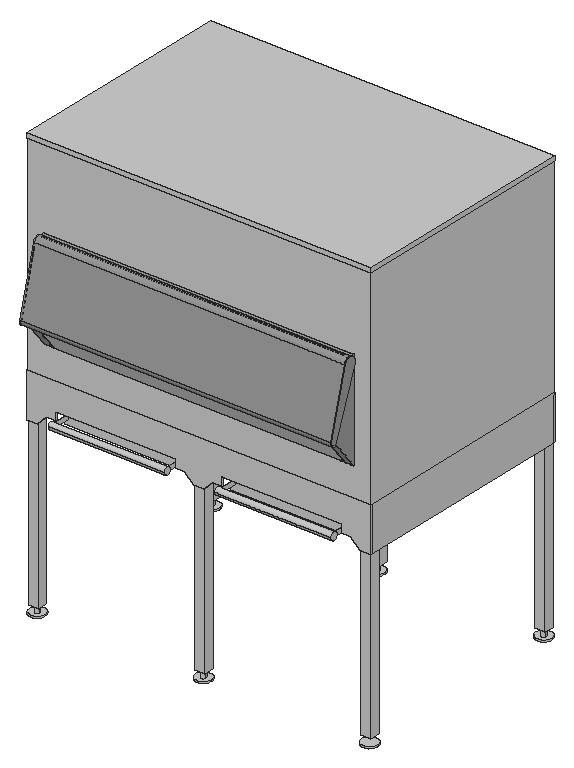
Revit family "QF_HOSHIZAKI_ITS1350SG-60", category Specialty Equipment, Revit 2016
Family settings
  Part Type = Normal
  Round Connector Dimension = Use Diameter
  OmniClass Number = 23.40.40.14
  OmniClass Title = Food Service Equipment
  Work Plane-Based = No
  Always vertical = Yes
  Cut with Voids When Loaded = No
  Shared = No
  Room Calculation Point = No
Parameters (values of type "ITS1350SG-60")
  Weight = 390.00 kg
  URL Cutsheet = ""
  URL = "www.hoshizaki-europe.com"
  Status [instance] = ""
  Specification by User [instance] = ""
  Specification by Manufacturer [instance] = ""
  Serial Number = ""
  Seismic Rating = ""
  SMACNA No = ""
  Revision Code [instance] = ""
  NAFEM Spec ID Number = ""
  Model = "ITS1350SG-60"
  Masterspec = ""
  Manufacturer = "HOSHIZAKI"
  Length Actual = 1524 mm
  Item Number [instance] = ""
  Installed By [instance] = ""
  Identify Quantity as Lot [instance] = no
  Height Actual = 1905 mm
  Furnished By [instance] = ""
  Foodservice Equipment Identifier [instance] = yes
  Description = "ICE TRANSPORT SYSTEM, 602KG BIN CAPACITY, TWIN CART"
  Depth Actual = 1016 mm
  Cost = 0
  CSI MasterFormat = ""
  Assembly Code = "E1090320"
  Accessory = no
Reference planes
  plane 1 "Center (Front/Back)": y = 0
  plane 2: z = 0
  plane 3 "Center (Left/Right)": x = 0
Dimensions and locks
  aligned and locked: level to plane 2
Nested families
  nested 1: "QF_HOSHIZAKI_ITS1350SG-60" at (0, 0, 0), type "ITS1350SG-60"
    with Show Clearance yes
Definition of nested family "QF_HOSHIZAKI_ITS1350SG-60"
  Parameters (values of type "ITS1350SG-60")
    URL = "www.hoshizaki-europe.com"
    Show Clearance [instance] = yes
    Model = "ITS1350SG-60"
    Manufacturer = "HOSHIZAKI"
    Description = "ICE TRANSPORT SYSTEM, 602KG BIN CAPACITY, TWIN CART"
    Assembly Code = "E1090320"
  Reference planes
    plane 1 "Back": y = 0
    plane 2: z = 0
    plane 3 "Left": x = 0
    plane 4 "Right": x = 1524
    plane 5 "Front": y = -1016
    plane 6 "Top": z = 1905
  Forms (mm)
    Extrusion 1, solid
      sketch origin (44.953, -123.309, 1885) x (1, 0, 0) y (0, 1, 0)
        loop
          line (-44.453, -892.691) -> (1479.047, -892.691) -> (1479.047, 123.309) -> (-44.453, 123.309) -> (-44.453, -892.691)
      from 0 to 20
    Extrusion 2, solid
      sketch origin (0, 0, 0) x (1, 0, 0) y (0, 1, 0)
        loop
          line (2.5, -2) -> (2.5, -1014) -> (77.5, -1014) -> (77.5, -1004) -> (12.5, -1004) -> (12.5, -12) -> (1512, -12) -> (1512, -1004) -> (1447, -1004) -> (1447, -1014) -> (1522, -1014) -> (1522, -2) -> (2.5, -2)
      from 1885 to 965
    Extrusion 3, solid
      sketch origin (0, 0, 1672) x (1, 0, 0) y (0, 1, 0)
        loop
          line (77.5, -1004) -> (77.5, -1014) -> (1447, -1014) -> (1447, -1004) -> (77.5, -1004)
      from -137 to 213
    Extrusion 4, solid
      sketch origin (0, 0, 965) x (1, 0, 0) y (0, 1, 0)
        loop
          line (77.5, -1004) -> (77.5, -1014) -> (1447, -1014) -> (1447, -1004) -> (77.5, -1004)
      from 0 to 128.51
    Extrusion 5, solid
      sketch origin (0, 0, 965) x (1, 0, 0) y (0, 1, 0)
        loop
          line (12.5, -12) -> (12.5, -1004) -> (1512, -1004) -> (1512, -12) -> (12.5, -12)
      from 0 to 10
    Extrusion 6, solid
      sketch origin (0, 0, 35) x (1, 0, 0) y (0, 1, 0)
        loop
          line (5, -1011) -> (48.5, -1011) -> (48.5, -968) -> (5, -968) -> (5, -1011)
        loop
          line (1475.5, -1011) -> (1519, -1011) -> (1519, -968) -> (1475.5, -968) -> (1475.5, -1011)
        loop
          line (5, -48) -> (48.5, -48) -> (48.5, -5) -> (5, -5) -> (5, -48)
        loop
          line (1475.5, -48) -> (1519, -48) -> (1519, -5) -> (1475.5, -5) -> (1475.5, -48)
        loop
          line (740.25, -1011) -> (783.75, -1011) -> (783.75, -968) -> (740.25, -968) -> (740.25, -1011)
        loop
          line (740.25, -48) -> (783.75, -48) -> (783.75, -5) -> (740.25, -5) -> (740.25, -48)
      from 0 to 930
    Extrusion 7, solid
      sketch origin (0, -1011, 190) x (1, 0, 0) y (0, 0, 1)
        loop
          line (88.5, 619) -> (128.5, 619) -> (128.5, 654) -> (658.5, 654) -> (658.5, 619) -> (698.5, 619) -> (738.5, 579) -> (785.5, 579) -> (825.5, 619) -> (865.5, 619) -> (865.5, 654) -> (1395.5, 654) -> (1395.5, 619) -> (1435.5, 619) -> (1475.5, 579) -> (1524, 579) -> (1524, 775) -> (0, 775) -> (0, 579) -> (48.5, 579) -> (88.5, 619)
      from 0 to 5
    Extrusion 8, solid
      sketch origin (0, 0, 190) x (0, 1, 0) y (0, 0, 1)
        loop
          line (-5, 579) -> (-5, 775) -> (-1011, 775) -> (-1011, 579) -> (-5, 579)
      from 0 to 5
    Extrusion 9, solid
      sketch origin (1519, 0, 190) x (0, 1, 0) y (0, 0, 1)
        loop
          line (-5, 579) -> (-5, 775) -> (-1011, 775) -> (-1011, 579) -> (-5, 579)
      from 0 to 5
    Extrusion 10, solid
      sketch origin (0, 0, 0) x (1, 0, 0) y (0, 1, 0)
        loop
          circle (762, -989.5) r 35
        loop
          circle (26.75, -989.5) r 35
        loop
          circle (757.25, -26.5) r 35
        loop
          circle (26.75, -26.5) r 35
        loop
          circle (1497.25, -989.5) r 35
        loop
          circle (1497.25, -26.5) r 35
      from 0 to 5
    Extrusion 11, solid
      sketch origin (0, 0, 0) x (1, 0, 0) y (0, 1, 0)
        loop
          circle (26.75, -989.5) r 10
        loop
          circle (762, -989.5) r 10
        loop
          circle (26.75, -26.5) r 10
        loop
          circle (759, -26.5) r 10
        loop
          circle (1497.25, -26.5) r 10
      from 5 to 35
    Extrusion 12, solid
      sketch origin (0, 0, 190) x (1, 0, 0) y (0, 0, 1)
        loop
          line (130.5, 652) -> (130.5, 585.5) -> (656.5, 585.5) -> (656.5, 652) -> (130.5, 652)
      from 968 to 5
    Extrusion 13, solid
      sketch origin (143, 0, 190) x (0, 1, 0) y (0, 0, 1)
        loop
          line (-968, 628.75) -> (-1039.48, 628.75)
          arc (-1039.48, 628.75) -> (-1035.669, 618.75) -> (-1039.48, 608.75) r 15.027
          line (-1039.48, 608.75) -> (-968, 608.75) -> (-968, 628.75)
      from 0 to 2
    Extrusion 14, solid
      sketch origin (644, 0, 190) x (0, 1, 0) y (0, 0, -1)
        loop
          line (-968, -628.75) -> (-968, -608.75) -> (-1039.48, -608.75)
          arc (-1039.48, -608.75) -> (-1035.669, -618.75) -> (-1039.48, -628.75) r 15.027
          line (-1039.48, -628.75) -> (-968, -628.75)
      from 0 to 2
    Extrusion 15, solid
      sketch origin (0, 6.277, 190.666) x (0, 1, 0) y (0, 0, 1)
        loop
          circle (-1056.946, 618.084) r 15
      from 136.522 to 650.901
    Extrusion 16, solid, visible <- "Show Clearance", detail levels coarse
      sketch origin (0, 0, 0) x (0, 1, 0) y (0, 0, 1)
        loop
          line (-1016, 0) -> (-1016, 965) -> (-1847, 965) -> (-1847, 0) -> (-1016, 0)
      from 0 to 1524
    Extrusion 17, solid
      sketch origin (77.5, 0, 0) x (0, 1, 0) y (0, 0, 1)
        loop
          line (-1014, 1093.51) -> (-1014, 1535) -> (-1132.357, 1245) -> (-1014, 1093.51)
      from 0 to 40
    Extrusion 18, solid
      sketch origin (72, 227.247, 356.13) x (0, 0.987211, 0.159421) y (0, -0.159421, 0.987211)
        loop
          arc (-1210.882, 1091.777) -> (-1210.474, 1078.588) -> (-1201.352, 1069.054) r 18.424
          line (-1201.352, 1069.054) -> (-1043.475, 1332.118)
          arc (-1043.475, 1332.118) -> (-1043.138, 1348.035) -> (-1051.352, 1361.674) r 28.644
          arc (-1051.352, 1361.674) -> (-1074.075, 1368.057) -> (-1092.536, 1353.35) r 25.892
          line (-1092.536, 1353.35) -> (-1210.882, 1091.777)
      from 0 to 5
    Extrusion 19, solid
      sketch origin (0, 0, 0) x (0, 1, 0) y (0, 0, 1)
        loop
          line (-1014, 1093.51) -> (-1004, 1093.51) -> (-1004, 1136.665) -> (-1014, 1136.665) -> (-1119.998, 1272.336) -> (-1132.357, 1245) -> (-1014, 1093.51)
      from 117.5 to 1407
    Extrusion 20, solid
      sketch origin (71.5, 227.247, 356.13) x (0, 0.987211, 0.159421) y (0, -0.159421, 0.987211)
        loop
          line (-1206.656, 1091.662) -> (-1089.452, 1350.126)
          arc (-1089.452, 1350.126) -> (-1063.619, 1362.073) -> (-1048.015, 1338.271) r 21.785
          line (-1048.015, 1338.271) -> (-1037.435, 1361.674) -> (-1051.352, 1361.674)
          arc (-1051.352, 1361.674) -> (-1074.075, 1368.057) -> (-1092.536, 1353.35) r 25.892
          line (-1092.536, 1353.35) -> (-1210.882, 1091.777)
          arc (-1210.882, 1091.777) -> (-1210.474, 1078.588) -> (-1201.352, 1069.054) r 18.424
          line (-1201.352, 1069.054) -> (-1198.952, 1073.412)
          arc (-1198.952, 1073.412) -> (-1205.971, 1081.2) -> (-1206.656, 1091.662) r 15.987
      from 1375.5 to 5.5
    Extrusion 21, solid, visible <- "Show Clearance", detail levels coarse
      sketch origin (0, 0, 0) x (0, 1, 0) y (0, 0, 1)
        loop
          line (-1014, 1535) -> (-1014, 1794.099)
          arc (-1014, 1794.099) -> (-1294.855, 1567.331) -> (-1132.357, 1245) r 287.305
          line (-1132.357, 1245) -> (-1014, 1535)
      from 72 to 1452.647
    Extrusion 22, solid
      sketch origin (1447.647, 227.247, 356.13) x (0, 0.987211, 0.159421) y (0, -0.159421, 0.987211)
        loop
          arc (-1210.882, 1091.777) -> (-1210.474, 1078.588) -> (-1201.352, 1069.054) r 18.424
          line (-1201.352, 1069.054) -> (-1043.475, 1332.118)
          arc (-1043.475, 1332.118) -> (-1043.138, 1348.035) -> (-1051.352, 1361.674) r 28.644
          arc (-1051.352, 1361.674) -> (-1074.075, 1368.057) -> (-1092.536, 1353.35) r 25.892
          line (-1092.536, 1353.35) -> (-1210.882, 1091.777)
      from 0 to 5
    Extrusion 23, solid
      sketch origin (0, 0, 190) x (1, 0, 0) y (0, 0, 1)
        loop
          line (88.5, 619) -> (128.5, 619) -> (128.5, 654) -> (658.5, 654) -> (658.5, 619) -> (698.5, 619) -> (738.5, 579) -> (785.5, 579) -> (825.5, 619) -> (865.5, 619) -> (865.5, 654) -> (1395.5, 654) -> (1395.5, 619) -> (1435.5, 619) -> (1475.5, 579) -> (1524, 579) -> (1524, 775) -> (0, 775) -> (0, 579) -> (48.5, 579) -> (88.5, 619)
      from 0 to 5
    Extrusion 24, solid
      sketch origin (737, 0, 190) x (1, 0, 0) y (0, 0, 1)
        loop
          line (130.5, 652) -> (130.5, 585.5) -> (656.5, 585.5) -> (656.5, 652) -> (130.5, 652)
      from 968 to 5
    Extrusion 25, solid
      sketch origin (880, 0, 190) x (0, 1, 0) y (0, 0, 1)
        loop
          line (-968, 628.75) -> (-1039.48, 628.75)
          arc (-1039.48, 628.75) -> (-1035.669, 618.75) -> (-1039.48, 608.75) r 15.027
          line (-1039.48, 608.75) -> (-968, 608.75) -> (-968, 628.75)
      from 0 to 2
    Extrusion 26, solid
      sketch origin (1381, 0, 190) x (0, 1, 0) y (0, 0, -1)
        loop
          line (-968, -628.75) -> (-968, -608.75) -> (-1039.48, -608.75)
          arc (-1039.48, -608.75) -> (-1035.669, -618.75) -> (-1039.48, -628.75) r 15.027
          line (-1039.48, -628.75) -> (-968, -628.75)
      from 0 to 2
    Extrusion 27, solid
      sketch origin (737, 6.277, 190.666) x (0, 1, 0) y (0, 0, 1)
        loop
          circle (-1056.946, 618.084) r 15
      from 136.522 to 650.901
    Extrusion 28, solid
      sketch origin (1447, 0, 0) x (0, 1, 0) y (0, 0, -1)
        loop
          line (-1014, -1093.51) -> (-1132.357, -1245) -> (-1014, -1535) -> (-1014, -1093.51)
      from 0 to 40
    Extrusion 29, solid
      sketch origin (1452.5, 227.247, 356.13) x (0, 0.987211, 0.159421) y (0, 0.159421, -0.987211)
        loop
          line (-1210.882, -1091.777) -> (-1092.536, -1353.35)
          arc (-1092.536, -1353.35) -> (-1074.075, -1368.057) -> (-1051.352, -1361.674) r 25.892
          arc (-1051.352, -1361.674) -> (-1043.138, -1348.035) -> (-1043.475, -1332.118) r 28.644
          line (-1043.475, -1332.118) -> (-1201.352, -1069.054)
          arc (-1201.352, -1069.054) -> (-1210.474, -1078.588) -> (-1210.882, -1091.777) r 18.424
      from 0 to 5
  Cuts and joins
    joined: Extrusion 2, Extrusion 3, Extrusion 4
    joined: Extrusion 18, Extrusion 20, Extrusion 22
  Lines and regions (mm)
    symbolic lines, visible <- "Show Clearance"
      curve 1: line (0, -1847, 0) -> (1524, -1847, 0)
      curve 2: line (1524, -1847, 0) -> (1524, -1016, 0)
      curve 3: line (0, -1016, 0) -> (0, -1847, 0)
    symbolic lines
      curve 4: line (0, 0, 0) -> (1524, 0, 0)
      curve 5: line (0, -1016, 0) -> (0, 0, 0)
      curve 6: line (1524, -1016, 0) -> (0, -1016, 0)
      curve 7: line (1524, 0, 0) -> (1524, -1016, 0)
      curve 8: arc (0, -1012.071, 0) -> (-8.25, -989.5, 0) -> (0, -966.929, 0) r 35
      curve 9: arc (3.886, -1016, 0) -> (26.75, -1024.5, 0) -> (49.614, -1016, 0) r 35
      curve 10: arc (0, -3.929, 0) -> (-8.25, -26.5, 0) -> (0, -49.071, 0) r 35
      curve 11: arc (3.886, 0, 0) -> (26.75, 8.5, 0) -> (49.614, 0, 0) r 35
      curve 12: arc (783.114, 0, 0) -> (760.25, 8.5, 0) -> (737.386, 0, 0) r 35
      curve 13: arc (1524, -49.071, 0) -> (1532.358, -27.035, 0) -> (1524, -5, 0) r 33.226
      curve 14: arc (1524, -1012.071, 0) -> (1532.25, -989.5, 0) -> (1524, -966.929, 0) r 35
      curve 15: line (72, -1142.484, 0) -> (72, -1016, 0)
      curve 16: line (72, -1142.484, 0) -> (1452.647, -1142.484, 0)
      curve 17: line (1452.647, -1142.484, 0) -> (1452.647, -1016, 0)
  Dimensions and locks
    aligned and locked: level to plane 2
